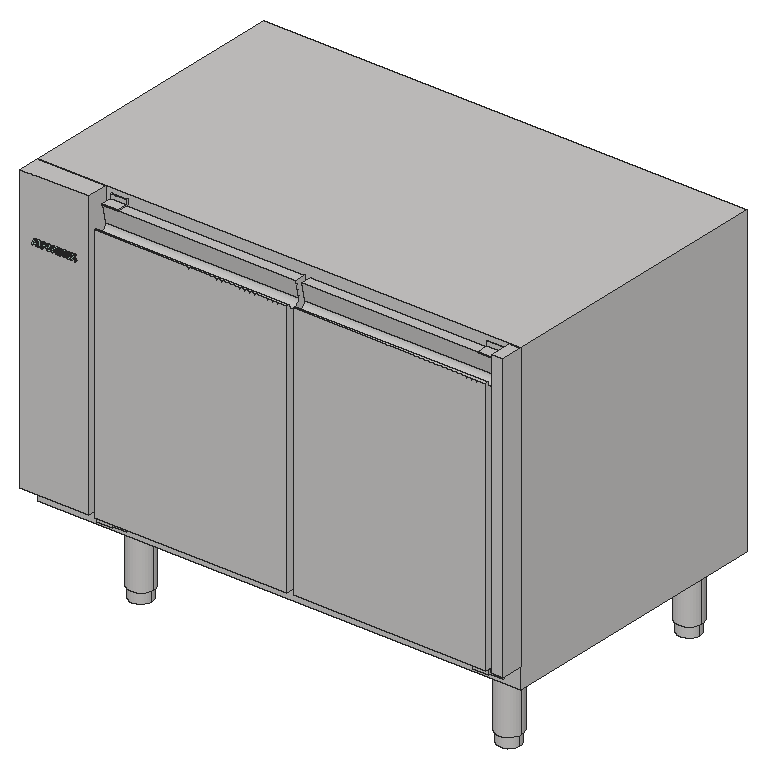
Revit family "QF_ALPENINOX_712107_AK2R8AA", category Specialty Equipment, Revit 2018
Family settings
  Round Connector Dimension = Use Diameter
  Part Type = Normal
  Work Plane-Based = No
  Always vertical = Yes
  Cut with Voids When Loaded = No
  Shared = No
  Room Calculation Point = No
Parameters
  Weight = 0.00 kg
  Watts = 2.78709 W
  Volts = 220 V
  URL Manufacturer = "http://www.alpeninox.com"
  URL = "http://www.alpeninox.com"
  Steam Supply Size = 0 mm
  Steam Supply Minimum Pressure = 0.0 Pa
  Steam Supply Maximum Pressure = 0.0 Pa
  Steam Pounds per Hour = 0
  Refrigeration Suction Line Size = 0 mm
  Refrigeration Liquid Line Size = 0 mm
  Refrigerant Compressor Remote = yes
  Manufacturer = "Alpeninox"
  Phase = 1
  Model = "AK2R8AA"
  Length Actual = 1103 mm  # constant formula
  Length = 1103 mm
  Item Number = "712107"
  Hot Water Size = 0 mm
  Height Actual = 850 mm  # constant formula
  Height = 700 mm
  HP = "0 HP"
  Gas Size = 0 mm
  Gas KW = 0
  Gas Input Pressure = 0 W
  Depth Actual = 700 mm  # constant formula
  Depth = 695 mm
  Description = "2 DOOR REFRIGERATED TABLE -2C-NO TOP REM"
  Cycle = 60 Hz
  Condensate Return Size = 0 mm
  Compressed Air Volume = 0.0 L/s
  Compressed Air Size = 0 mm
  Compressed Air Pressure = 0.0 Pa
  Cold Water Size = 0 mm
  Accessory = yes
Reference planes
  plane 1: z = 0
  plane 2 "Center (Left/Right)": x = -124.5
  plane 3 "Center (Front/Back)": y = 64.5
  plane 4 "FEET": z = 150
  plane 5 "TOP": z = 900
  plane 6 "PLAIN": z = 850
  plane 7 "EI_back": y = 359
  plane 8 "EI_left": x = -610
  plane 9 "BACK": y = 412
  plane 10 "FRONT": y = -283
  plane 11 "DOOR": y = -233
  plane 12 "LEFT": x = -676
  plane 13 "RIGHT": x = 427
  plane 14: x = -651
  plane 15: x = 402
  plane 16 "RO_left": x = -636
  plane 17 "RI_left": x = -584
  plane 18 "RO_back": y = 375.5
  plane 19 "RI_back": y = 375.5
  plane 20 "DRAINleft": x = -610
  plane 21 "DRAINback": y = 164
Forms (mm)
  Extrusion 1, solid, material "QF_Finishes_Stainless Steel"
    sketch origin (-1022.223, -1524, 150) x (-1, 0, 0) y (0, -1, 0)
      loop
        circle (-412.223, -1883) r 5
    from 0 to -40
  Extrusion 2, solid, material "QF_Finishes_Stainless Steel"
    sketch origin (-1022.223, -1524, 150) x (-1, 0, 0) y (0, -1, 0)
      loop
        line (-1424.223, -1291) -> (-1424.223, -1241) -> (-1449.223, -1241) -> (-1449.223, -1291) -> (-1424.223, -1291)
    from 48 to 700 <- "Height"
  Extrusion 3, solid, material "QF_Finishes_Stainless Steel"
    sketch origin (-1022.223, -1524, 150) x (-1, 0, 0) y (0, -1, 0)
      loop
        circle (-386.223, -1899.5) r 4.25
    from 0 to -20
  Extrusion 4, solid, material "QF_Finishes_Stainless Steel"
    sketch origin (-1022.223, -1524, 150) x (-1, 0, 0) y (0, -1, 0)
      loop
        circle (-438.223, -1899.5) r 4
    from 0 to -20
  Extrusion 5, solid, material "QF_Finishes_Stainless Steel"
    sketch origin (-1022.223, -1524, 150) x (-1, 0, 0) y (0, -1, 0)
      loop
        circle (-412.223, -1688) r 8.5
    from 0 to -40
  Extrusion 6, solid, material "QF_Finishes_Stainless Steel"
    sketch origin (-1022.223, -1524, 150) x (-1, 0, 0) y (0, -1, 0)
      loop
        line (-346.223, -1936) -> (-346.223, -1291) -> (-1449.223, -1291) -> (-1449.223, -1936) -> (-346.223, -1936)
    from 0 to 700 <- "Height"
Lines and regions (mm)
  symbolic lines, style "SpecialityEquipmentHiddenLines"
    curve 1: line (-676, 412, 150) -> (427, 412, 150)
    curve 2: line (-676, -283, 150) -> (-676, 412, 150)
    curve 3: line (427, -283, 150) -> (-676, -283, 150)
    curve 4: line (427, 412, 150) -> (427, -283, 150)
    curve 5: line (-676, -233, 150) -> (427, -233, 150)
    curve 6: line (402, -233, 150) -> (402, -283, 150)
Dimensions and locks
  plane 4 "FEET" to level = 150 mm
  plane 11 "DOOR" to plane 10 "FRONT" = 50 mm
  "Height": plane 6 "PLAIN" to plane 4 "FEET"
  plane 5 "TOP" to plane 6 "PLAIN" = 50 mm
  plane 12 "LEFT" to plane 14 = 25 mm
  plane 15 to plane 13 "RIGHT" = 25 mm
  plane 9 "BACK" to plane 18 "RO_back" = 36.5 mm
  plane 9 "BACK" to plane 7 "EI_back" = 53 mm
  plane 9 "BACK" to plane 19 "RI_back" = 36.5 mm
  plane 9 "BACK" to plane 21 "DRAINback" = 248 mm
  plane 12 "LEFT" to plane 20 "DRAINleft" = 66 mm
  plane 12 "LEFT" to plane 8 "EI_left" = 66 mm
  plane 12 "LEFT" to plane 17 "RI_left" = 92 mm
  plane 12 "LEFT" to plane 16 "RO_left" = 40 mm
  "Depth": plane 9 "BACK" to plane 10 "FRONT"
  equal spacing: plane 9 "BACK", plane 3 "Center (Front/Back)", plane 10 "FRONT"
  "Length": plane 12 "LEFT" to plane 13 "RIGHT"
  equal spacing: plane 12 "LEFT", plane 2 "Center (Left/Right)", plane 13 "RIGHT"
  aligned and locked: level to plane 1
Automatic sketch dimensions
  Extrusion 1 sketch curve to plane 7 "EI_back" = 0 mm
  Extrusion 1 sketch curve to plane 8 "EI_left" = 0 mm
  Extrusion 2 sketch curve to plane 11 "DOOR" = 0 mm
  Extrusion 2 sketch curve to plane 13 "RIGHT" = 0 mm
  Extrusion 2 sketch curve to plane 10 "FRONT" = 0 mm
  Extrusion 2 sketch curve to plane 15 = 0 mm
  Extrusion 3 sketch curve to plane 16 "RO_left" = 0 mm
  Extrusion 3 sketch curve to plane 18 "RO_back" = 0 mm
  Extrusion 4 sketch curve to plane 17 "RI_left" = 0 mm
  Extrusion 4 sketch curve to plane 19 "RI_back" = 0 mm
  Extrusion 5 sketch curve to plane 20 "DRAINleft" = 0 mm
  Extrusion 5 sketch curve to plane 21 "DRAINback" = 0 mm
  Extrusion 6 sketch curve to plane 9 "BACK" = 0 mm
  Extrusion 6 sketch curve to plane 13 "RIGHT" = 0 mm
  Extrusion 6 sketch curve to plane 11 "DOOR" = 0 mm
  Extrusion 6 sketch curve to plane 12 "LEFT" = 0 mm
  curve 1 to plane 13 "RIGHT" = 0 mm
  curve 6 to plane 15 = 0 mm
  curve 5 to plane 11 "DOOR" = 0 mm
  curve 5 to plane 12 "LEFT" = 0 mm
  curve 6 to plane 10 "FRONT" = 0 mm
  curve 1 to plane 9 "BACK" = 0 mm
  radius of Extrusion 1 sketch curve = 5 mm
  radius of Extrusion 3 sketch curve = 4.25 mm
  radius of Extrusion 4 sketch curve = 4 mm
  radius of Extrusion 5 sketch curve = 8.5 mm
Nested families
  nested 1: "Refrigerator" at (427, -283, 0), type "Refrigerator"
  nested 2: "FEET" at (-480, 331, 0), type "FEET"
  nested 3: "FEET" at (361, 331, 0), type "FEET"
  nested 4: "FEET" at (-480, -183, 0), type "FEET"
  nested 5: "FEET" at (361, -183, 0), type "FEET"
  nested 6: "APX_REM_TN_L" at (-519.08, -233, 598) x (1, 0, 0) z (0, -1, 0), type "APX_REM_TN_L"
    with Show Logo yes
  nested 7: "APX_SD_L" at (-286, -233, 512) x (1, 0, 0) z (0, -1, 0), type "APX_SD_L"
    with Show Clearance yes
  nested 8: "APX_SD_R" at (168, -233, 512) x (1, 0, 0) z (0, -1, 0), type "APX_SD_R"
    with Show Clearance yes
Connectors
  electrical at (-610, 359, 110), driven by "Volts"
    settings: on Extrusion 1, index 1, voltage 220 V, apparent load 0 VA, apparent load phase1 0 VA, apparent load phase2 0 VA, apparent load phase3 0 VA, power factor 1, load classification "Other", number of poles 1, system type 31, power factor state 1, is connector primary yes, connector utility no, sub classification motor no, connector description "Electrical Connection"
  piping at (-636, 375.5, 130), diameter 9.5
    settings: on Extrusion 3, index 3, connector inside diameter 609.6 mm, connector length 0 mm, flow factor 0, pipe flow 0.0 L/s, pressure drop 0.0 Pa, fitting loss kfactor 0, connector angle 0.00°, fixture units 0, engagement length 0 mm, angle of deflection 0.00°, flow configuration 1, flow direction 2, fitting loss method 0, system type 8, joint type 0, gender type 0, connector reference index -1, connector utility 0, adjustable connector no, is connector primary yes, connector description "Refrigerant Outlet"
  piping at (-584, 375.5, 130), diameter 8
    settings: on Extrusion 4, index 4, connector inside diameter 609.6 mm, connector length 0 mm, flow factor 0, pipe flow 0.0 L/s, pressure drop 0.0 Pa, fitting loss kfactor 0, connector angle 0.00°, fixture units 0, engagement length 0 mm, angle of deflection 0.00°, flow configuration 1, flow direction 1, fitting loss method 0, system type 7, joint type 0, gender type 0, connector reference index -1, connector utility 0, adjustable connector no, is connector primary no, connector description "Refrigerant Inlet"
  piping at (-610, 164, 110), diameter 17
    settings: on Extrusion 5, index 5, connector inside diameter 609.6 mm, connector length 0 mm, flow factor 0, pipe flow 0.0 L/s, pressure drop 0.0 Pa, fitting loss kfactor 0, connector angle 0.00°, fixture units 0, engagement length 0 mm, angle of deflection 0.00°, flow configuration 1, flow direction 2, fitting loss method 0, system type 16, joint type 0, gender type 0, connector reference index -1, connector utility 0, adjustable connector no, is connector primary no, connector description "Drain"
Definition of nested family "FEET"
  Parameters
    FEET = 150 mm
  Reference planes
    plane 1 "Center (Front/Back)": y = 0
    plane 2: z = 0
    plane 3 "Center (Left/Right)": x = 0
    plane 4: z = 150
  Forms (mm)
    Revolve 1, solid
      sketch origin (255.05, 0, 608.09) x (0, 0, 1) y (-1, 0, 0)
        loop
          line (-608.09, 255.05) -> (-608.09, 230.05) -> (-583.09, 230.05) -> (-583.09, 226.05) -> (-458.09, 226.05) -> (-458.09, 255.05) -> (-608.09, 255.05)
        axis (-608.09, 255.05) -> (-458.09, 255.05)
      angle from 0 to 360
  Dimensions and locks
    locked: Revolve 1 sketch curve to Revolve 1 sketch curve at 125
    "FEET": plane 4 to plane 2
    aligned and locked: level to plane 2
    aligned and locked: plane 4 to Revolve 1 sketch curve
    aligned and locked: Revolve 1 sketch curve to level
    aligned and locked: plane 3 "Center (Left/Right)" to Revolve 1 sketch curve
  Automatic sketch dimensions
    Revolve 1 sketch curve to plane 3 "Center (Left/Right)" = 0 mm
    Revolve 1 sketch curve to Revolve 1 sketch curve = 25 mm
    Revolve 1 sketch curve to Revolve 1 sketch curve = 29 mm
    plane 4 to Revolve 1 sketch curve = 50 mm
    Revolve 1 sketch curve to Revolve 1 sketch curve = 20 mm
Definition of nested family "APX_REM_TN_L"
  Parameters
    Show Logo [instance] = yes
    Default Elevation = 1219.2 mm
  Reference planes
    plane 1 "Centro (Fronte/Retro)": y = -74
    plane 2: z = 0
    plane 3 "Centro (Sinistra/Destra)": x = -78.92
  Forms (mm)
    Extrusion 1, solid
      sketch origin (0, 0, 0) x (1, 0, 0) y (0, 1, 0)
        loop
          line (-1219.2, 1219.2) -> (-1219.2, -1219.2) -> (1219.2, -1219.2) -> (1219.2, 1219.2) -> (-1219.2, 1219.2)
      from 0 to -304.8
    Extrusion 2, solid
      sketch origin (1.08, 0, 0) x (1, 0, 0) y (0, 1, 0)
        loop
          line (-158, 252) -> (-158, -400) -> (-2, -400) -> (-2, 252) -> (-158, 252)
      from 0 to 50
    Extrusion 3, solid
      sketch origin (44.22, -49.023, 0) x (1, 0, 0) y (0, 1, 0)
        loop
          line (-168.675, 170.349) -> (-172.411, 160.318)
          arc (-172.411, 160.318) -> (-171.624, 158.497) -> (-169.837, 159.36) r 1.374
          line (-169.837, 159.36) -> (-169.268, 161.111) -> (-164.1, 161.111) -> (-163.54, 159.379)
          arc (-163.54, 159.379) -> (-161.802, 158.542) -> (-161.049, 160.318) r 1.333
          line (-161.049, 160.318) -> (-164.694, 170.349)
          arc (-164.694, 170.349) -> (-166.685, 171.876) -> (-168.675, 170.349) r 2.06
        loop
          line (-166.681, 169.055) -> (-168.469, 163.655) -> (-164.935, 163.655) -> (-166.681, 169.055)
        loop
          arc (-159.705, 160.042) -> (-159.262, 158.973) -> (-158.194, 158.531) r 1.512
          line (-158.194, 158.531) -> (-153.608, 158.531)
          arc (-153.608, 158.531) -> (-152.337, 159.802) -> (-153.608, 161.074) r 1.272
          line (-153.608, 161.074) -> (-156.917, 161.074) -> (-156.917, 170.328)
          arc (-156.917, 170.328) -> (-158.311, 171.722) -> (-159.705, 170.328) r 1.394
          line (-159.705, 170.328) -> (-159.705, 160.042)
        loop
          line (-151.076, 170.218) -> (-151.076, 159.859)
          arc (-151.076, 159.859) -> (-149.683, 158.466) -> (-148.29, 159.859) r 1.393
          line (-148.29, 159.859) -> (-148.29, 162.882) -> (-146.225, 162.882)
          arc (-146.225, 162.882) -> (-142.999, 163.859) -> (-141.608, 166.928) r 4.082
          arc (-141.608, 166.928) -> (-142.993, 170.272) -> (-146.336, 171.657) r 4.728
          line (-146.336, 171.657) -> (-149.638, 171.657)
          arc (-149.638, 171.657) -> (-150.655, 171.235) -> (-151.076, 170.218) r 1.439
        loop
          line (-148.29, 165.313) -> (-146.388, 165.313)
          arc (-146.388, 165.313) -> (-144.433, 167.268) -> (-146.388, 169.222) r 1.955
          line (-146.388, 169.222) -> (-148.29, 169.222) -> (-148.29, 165.313)
        loop
          arc (-131.184, 166.332) -> (-132.004, 168.2) -> (-133.767, 169.228) r 3.3
          arc (-133.767, 169.228) -> (-136.353, 168.661) -> (-137.611, 166.332) r 3.176
          line (-137.611, 166.332) -> (-131.184, 166.332)
        loop
          line (-137.538, 163.743) -> (-130.544, 163.743)
          arc (-130.544, 163.743) -> (-129.292, 163.916) -> (-128.301, 164.701) r 2.4
          arc (-128.301, 164.701) -> (-128.155, 165.545) -> (-128.212, 166.399) r 3.635
          arc (-128.212, 166.399) -> (-130.364, 170.162) -> (-134.39, 171.769) r 6.579
          arc (-134.39, 171.769) -> (-138.918, 169.706) -> (-140.661, 165.044) r 6.501
          arc (-140.661, 165.044) -> (-139.276, 160.789) -> (-135.401, 158.549) r 6.252
          arc (-135.401, 158.549) -> (-132.922, 158.526) -> (-130.544, 159.232) r 8.361
          arc (-130.544, 159.232) -> (-129.466, 159.781) -> (-128.641, 160.666) r 3.486
          arc (-128.641, 160.666) -> (-128.419, 161.592) -> (-128.828, 162.451) r 1.425
          arc (-128.828, 162.451) -> (-129.368, 162.762) -> (-129.99, 162.762) r 1.203
          arc (-129.99, 162.762) -> (-130.406, 162.59) -> (-130.764, 162.316) r 1.724
          arc (-130.764, 162.316) -> (-131.666, 161.705) -> (-132.646, 161.229) r 7.6
          arc (-132.646, 161.229) -> (-135.676, 161.35) -> (-137.538, 163.743) r 3.6
        loop
          line (-126.669, 170.328) -> (-126.669, 159.859)
          arc (-126.669, 159.859) -> (-125.273, 158.463) -> (-123.878, 159.859) r 1.396
          line (-123.878, 159.859) -> (-123.878, 166.785) -> (-117.946, 159.029)
          arc (-117.946, 159.029) -> (-116.361, 158.51) -> (-115.379, 159.859) r 1.417
          line (-115.379, 159.859) -> (-115.379, 170.328)
          arc (-115.379, 170.328) -> (-116.774, 171.723) -> (-118.169, 170.328) r 1.395
          line (-118.169, 170.328) -> (-118.169, 163.311) -> (-124.101, 171.157)
          arc (-124.101, 171.157) -> (-125.687, 171.678) -> (-126.669, 170.328) r 1.418
        loop
          arc (-113.636, 159.859) -> (-112.241, 158.464) -> (-110.847, 159.859) r 1.394
          line (-110.847, 159.859) -> (-110.847, 170.328)
          arc (-110.847, 170.328) -> (-112.241, 171.723) -> (-113.636, 170.328) r 1.394
          line (-113.636, 170.328) -> (-113.636, 159.859)
        loop
          line (-109.102, 170.328) -> (-109.102, 159.859)
          arc (-109.102, 159.859) -> (-107.706, 158.463) -> (-106.31, 159.859) r 1.396
          line (-106.31, 159.859) -> (-106.31, 166.785) -> (-100.378, 159.029)
          arc (-100.378, 159.029) -> (-98.793, 158.51) -> (-97.812, 159.859) r 1.417
          line (-97.812, 159.859) -> (-97.812, 170.328)
          arc (-97.812, 170.328) -> (-99.207, 171.723) -> (-100.602, 170.328) r 1.395
          line (-100.602, 170.328) -> (-100.602, 163.311) -> (-106.533, 171.157)
          arc (-106.533, 171.157) -> (-108.119, 171.678) -> (-109.102, 170.328) r 1.418
        loop
          arc (-96.345, 165.093) -> (-95.619, 161.877) -> (-93.467, 159.379) r 6.806
          arc (-93.467, 159.379) -> (-91.792, 158.566) -> (-89.948, 158.31) r 5.956
          arc (-89.948, 158.31) -> (-88.104, 158.566) -> (-86.43, 159.379) r 5.956
          arc (-86.43, 159.379) -> (-84.277, 161.877) -> (-83.551, 165.093) r 6.806
          arc (-83.551, 165.093) -> (-84.277, 168.31) -> (-86.43, 170.808) r 6.806
          arc (-86.43, 170.808) -> (-88.104, 171.621) -> (-89.948, 171.877) r 5.956
          arc (-89.948, 171.877) -> (-91.792, 171.621) -> (-93.467, 170.808) r 5.956
          arc (-93.467, 170.808) -> (-95.619, 168.31) -> (-96.345, 165.093) r 6.806
        loop
          arc (-93.425, 165.093) -> (-93.138, 163.212) -> (-92.081, 161.629) r 4.387
          arc (-92.081, 161.629) -> (-91.087, 161.049) -> (-89.948, 160.881) r 3.035
          arc (-89.948, 160.881) -> (-88.809, 161.049) -> (-87.815, 161.629) r 3.035
          arc (-87.815, 161.629) -> (-86.759, 163.212) -> (-86.472, 165.093) r 4.387
          arc (-86.472, 165.093) -> (-86.759, 166.975) -> (-87.815, 168.558) r 4.387
          arc (-87.815, 168.558) -> (-88.809, 169.138) -> (-89.948, 169.306) r 3.035
          arc (-89.948, 169.306) -> (-91.087, 169.138) -> (-92.081, 168.558) r 3.035
          arc (-92.081, 168.558) -> (-93.138, 166.975) -> (-93.425, 165.093) r 4.387
        loop
          line (-82.843, 169.609) -> (-79.829, 165.552) -> (-83.513, 160.652)
          arc (-83.513, 160.652) -> (-83.216, 158.692) -> (-81.262, 159.029) r 1.388
          line (-81.262, 159.029) -> (-78.213, 163.232) -> (-75.164, 159.029)
          arc (-75.164, 159.029) -> (-73.211, 158.692) -> (-72.913, 160.652) r 1.388
          line (-72.913, 160.652) -> (-76.597, 165.552) -> (-73.584, 169.609)
          arc (-73.584, 169.609) -> (-73.952, 171.597) -> (-75.908, 171.084) r 1.38
          line (-75.908, 171.084) -> (-78.213, 167.841) -> (-80.519, 171.084)
          arc (-80.519, 171.084) -> (-82.474, 171.597) -> (-82.843, 169.609) r 1.38
      from 50 to 51.6
  Lines and regions (mm)
    Split face 1
      outline origin (1.08, 0, 50) x (1, 0, 0) y (0, 1, 0)
        loop
          line (-2, 188) -> (-158, 188)
    Split face 2
      outline origin (1.08, 0, 50) x (1, 0, 0) y (0, 1, 0)
        loop
          line (-158, 178) -> (-2, 178)
    Split face 3
      outline origin (1.08, 0, 50) x (1, 0, 0) y (0, 1, 0)
        loop
          line (-2, 104) -> (-158, 104)
    Split face 4
      outline origin (1.08, 0, 50) x (1, 0, 0) y (0, 1, 0)
        loop
          line (-2, 94) -> (-158, 94)
    Split face 5
      outline origin (1.08, 0, 50) x (1, 0, 0) y (0, 1, 0)
        loop
          line (-110, 163.931) -> (-110, 134.412) -> (-50, 134.412) -> (-50, 163.931) -> (-110, 163.931)
    Split face 6
      outline origin (1.08, 0, 50) x (1, 0, 0) y (0, 1, 0)
        loop
          line (-70, 160.931) -> (-70, 137.412) -> (-53, 137.412) -> (-53, 160.931) -> (-70, 160.931)
    symbolic lines
      curve 1: line (-2, -74, 50) -> (-2, -74, 0)
  Dimensions and locks
    equal spacing: Extrusion 2, plane 3 "Centro (Sinistra/Destra)", Extrusion 2
    equal spacing: Extrusion 2, plane 1 "Centro (Fronte/Retro)", Extrusion 2
    aligned and locked: plane 2 to Extrusion 1
    aligned and locked: level to Extrusion 1
  Automatic sketch dimensions
    curve 1 to level = 0 mm
    plane 3 "Centro (Sinistra/Destra)" to curve 1 = 76.92 mm
    curve 1 to curve 1 = 50 mm
    Extrusion 1 sketch curve to Extrusion 1 sketch curve = 2438.4 mm  (x2)
    Extrusion 2 sketch curve to plane 3 "Centro (Sinistra/Destra)" = 78 mm
    plane 3 "Centro (Sinistra/Destra)" to Extrusion 2 sketch curve = 78 mm
    plane 1 "Centro (Fronte/Retro)" to Extrusion 2 sketch curve = 326 mm
    Extrusion 2 sketch curve to plane 1 "Centro (Fronte/Retro)" = 326 mm
    Extrusion 3 sketch curve to plane 3 "Centro (Sinistra/Destra)" = 49.27 mm
    Extrusion 3 sketch curve to Extrusion 3 sketch curve = 1.266 mm
    Extrusion 3 sketch curve to Extrusion 3 sketch curve = 1.307 mm
    Extrusion 3 sketch curve to Extrusion 3 sketch curve = 0.57 mm
    Extrusion 3 sketch curve to Extrusion 3 sketch curve = 0.593 mm
    Extrusion 3 sketch curve to Extrusion 3 sketch curve = 0.799 mm
    Extrusion 3 sketch curve to Extrusion 3 sketch curve = 1.99 mm  (x2)
    Extrusion 3 sketch curve to Extrusion 3 sketch curve = 0.003 mm
    Extrusion 3 sketch curve to Extrusion 3 sketch curve = 3.534 mm
    Extrusion 3 sketch curve to Extrusion 3 sketch curve = 0.835 mm
    Extrusion 3 sketch curve to Extrusion 3 sketch curve = 0.56 mm
    Extrusion 3 sketch curve to Extrusion 3 sketch curve = 1.268 mm
    Extrusion 3 sketch curve to Extrusion 3 sketch curve = 1.223 mm
    Extrusion 3 sketch curve to Extrusion 3 sketch curve = 1.344 mm
    Extrusion 3 sketch curve to Extrusion 3 sketch curve = 1.394 mm  (x2)
    Extrusion 3 sketch curve to Extrusion 3 sketch curve = 1.512 mm
    Extrusion 3 sketch curve to Extrusion 3 sketch curve = 3.309 mm
    Extrusion 3 sketch curve to Extrusion 3 sketch curve = 5.841 mm
    Extrusion 3 sketch curve to Extrusion 3 sketch curve = 1.393 mm
    Extrusion 3 sketch curve to Extrusion 3 sketch curve = 1.439 mm
    Extrusion 3 sketch curve to Extrusion 3 sketch curve = 0 mm  (x19)
    Extrusion 3 sketch curve to Extrusion 3 sketch curve = 1.902 mm
    Extrusion 3 sketch curve to Extrusion 3 sketch curve = 0.052 mm
    Extrusion 3 sketch curve to Extrusion 3 sketch curve = 2.065 mm
    Extrusion 3 sketch curve to Extrusion 3 sketch curve = 0.647 mm
    Extrusion 3 sketch curve to Extrusion 3 sketch curve = 8.079 mm
    Extrusion 3 sketch curve to Extrusion 3 sketch curve = 0.073 mm
    Extrusion 3 sketch curve to Extrusion 3 sketch curve = 2.145 mm
    Extrusion 3 sketch curve to Extrusion 3 sketch curve = 2.931 mm
    Extrusion 3 sketch curve to Extrusion 3 sketch curve = 0.213 mm
    Extrusion 3 sketch curve to Extrusion 3 sketch curve = 0.026 mm
    Extrusion 3 sketch curve to Extrusion 3 sketch curve = 0.263 mm
    Extrusion 3 sketch curve to Extrusion 3 sketch curve = 0.516 mm
    Extrusion 3 sketch curve to Extrusion 3 sketch curve = 0.356 mm
    Extrusion 3 sketch curve to Extrusion 3 sketch curve = 0.387 mm
    Extrusion 3 sketch curve to Extrusion 3 sketch curve = 2.378 mm
    Extrusion 3 sketch curve to Extrusion 3 sketch curve = 2.466 mm
    Extrusion 3 sketch curve to Extrusion 3 sketch curve = 0.602 mm
    Extrusion 3 sketch curve to Extrusion 3 sketch curve = 1.02 mm
    Extrusion 3 sketch curve to Extrusion 3 sketch curve = 0.949 mm
    Extrusion 3 sketch curve to Extrusion 3 sketch curve = 1.728 mm
    Extrusion 3 sketch curve to Extrusion 3 sketch curve = 0.157 mm  (x2)
    Extrusion 3 sketch curve to Extrusion 3 sketch curve = 0.292 mm
    Extrusion 3 sketch curve to plane 3 "Centro (Sinistra/Destra)" = 3.529 mm
    Extrusion 3 sketch curve to Extrusion 3 sketch curve = 1.396 mm  (x2)
    Extrusion 3 sketch curve to Extrusion 3 sketch curve = 1.418 mm  (x2)
    Extrusion 3 sketch curve to plane 3 "Centro (Sinistra/Destra)" = 0.96 mm
    plane 3 "Centro (Sinistra/Destra)" to Extrusion 3 sketch curve = 4.971 mm
    Extrusion 3 sketch curve to Extrusion 3 sketch curve = 0.224 mm  (x2)
    Extrusion 3 sketch curve to Extrusion 3 sketch curve = 1.149 mm  (x2)
    Extrusion 3 sketch curve to Extrusion 3 sketch curve = 1.395 mm  (x2)
    Extrusion 3 sketch curve to Extrusion 3 sketch curve = 1.744 mm
    Extrusion 3 sketch curve to Extrusion 3 sketch curve = 1.745 mm
    Extrusion 3 sketch curve to Extrusion 3 sketch curve = 1.151 mm
    Extrusion 3 sketch curve to Extrusion 3 sketch curve = 5.709 mm
    Extrusion 3 sketch curve to Extrusion 3 sketch curve = 6.963 mm
    Extrusion 3 sketch curve to Extrusion 3 sketch curve = 0.493 mm  (x3)
    Extrusion 3 sketch curve to Extrusion 3 sketch curve = 0.273 mm  (x2)
    Extrusion 3 sketch curve to Extrusion 3 sketch curve = 0.021 mm  (x2)
    Extrusion 3 sketch curve to Extrusion 3 sketch curve = 0.226 mm  (x2)
    Extrusion 3 sketch curve to Extrusion 3 sketch curve = 0.268 mm  (x2)
    Extrusion 3 sketch curve to Extrusion 3 sketch curve = 0.294 mm
    Extrusion 3 sketch curve to Extrusion 3 sketch curve = 5.534 mm
    Extrusion 3 sketch curve to Extrusion 3 sketch curve = 6.205 mm
    Extrusion 3 sketch curve to Extrusion 3 sketch curve = 1.109 mm  (x2)
    Extrusion 3 sketch curve to Extrusion 3 sketch curve = 1.108 mm  (x2)
    Extrusion 3 sketch curve to Extrusion 3 sketch curve = 1.142 mm  (x2)
    Extrusion 3 sketch curve to Extrusion 3 sketch curve = 1.216 mm  (x2)
    Extrusion 3 sketch curve to Extrusion 3 sketch curve = 3.013 mm
    Extrusion 3 sketch curve to Extrusion 3 sketch curve = 1.616 mm  (x3)
    Extrusion 3 sketch curve to Extrusion 3 sketch curve = 2.305 mm
    Extrusion 3 sketch curve to Extrusion 3 sketch curve = 3.049 mm
    Extrusion 3 sketch curve to plane 1 "Centro (Fronte/Retro)" = 183.508 mm
    Extrusion 3 sketch curve to Extrusion 3 sketch curve = 0.498 mm
    Extrusion 3 sketch curve to Extrusion 3 sketch curve = 0.682 mm
    Extrusion 3 sketch curve to Extrusion 3 sketch curve = 0.664 mm
    Extrusion 3 sketch curve to Extrusion 3 sketch curve = 0.425 mm
    Extrusion 3 sketch curve to Extrusion 3 sketch curve = 0.41 mm
    Extrusion 3 sketch curve to Extrusion 3 sketch curve = 1.272 mm
    Extrusion 3 sketch curve to Extrusion 3 sketch curve = 0.789 mm  (x2)
    Extrusion 3 sketch curve to Extrusion 3 sketch curve = 0.056 mm
    Extrusion 3 sketch curve to Extrusion 3 sketch curve = 0.83 mm
    Extrusion 3 sketch curve to Extrusion 3 sketch curve = 1.238 mm
    Extrusion 3 sketch curve to Extrusion 3 sketch curve = 1.732 mm
    Extrusion 3 sketch curve to Extrusion 3 sketch curve = 0.346 mm
    Extrusion 3 sketch curve to Extrusion 3 sketch curve = 1.123 mm
    Extrusion 3 sketch curve to Extrusion 3 sketch curve = 3.023 mm
    Extrusion 3 sketch curve to Extrusion 3 sketch curve = 4.203 mm
    Extrusion 3 sketch curve to Extrusion 3 sketch curve = 3.452 mm  (x2)
    Extrusion 3 sketch curve to Extrusion 3 sketch curve = 2.544 mm
    Extrusion 3 sketch curve to Extrusion 3 sketch curve = 1.177 mm
    Extrusion 3 sketch curve to Extrusion 3 sketch curve = 3.261 mm
    Extrusion 3 sketch curve to Extrusion 3 sketch curve = 0.352 mm  (x2)
    Extrusion 3 sketch curve to Extrusion 3 sketch curve = 1.987 mm
    Extrusion 3 sketch curve to Extrusion 3 sketch curve = 0.171 mm
    Extrusion 3 sketch curve to Extrusion 3 sketch curve = 0.533 mm  (x3)
    Extrusion 3 sketch curve to Extrusion 3 sketch curve = 0.14 mm  (x4)
    Extrusion 3 sketch curve to Extrusion 3 sketch curve = 0.473 mm
    Extrusion 3 sketch curve to Extrusion 3 sketch curve = 0.31 mm  (x2)
    Extrusion 3 sketch curve to Extrusion 3 sketch curve = 0.075 mm
    Extrusion 3 sketch curve to Extrusion 3 sketch curve = 2.431 mm
    Extrusion 3 sketch curve to Extrusion 3 sketch curve = 2.32 mm  (x2)
    Extrusion 3 sketch curve to Extrusion 3 sketch curve = 1.992 mm
    Extrusion 3 sketch curve to Extrusion 3 sketch curve = 0.674 mm
    Extrusion 3 sketch curve to Extrusion 3 sketch curve = 0.732 mm
    Extrusion 3 sketch curve to Extrusion 3 sketch curve = 0.388 mm
    Extrusion 3 sketch curve to Extrusion 3 sketch curve = 0.121 mm
    Extrusion 3 sketch curve to Extrusion 3 sketch curve = 2.589 mm
    Extrusion 3 sketch curve to Extrusion 3 sketch curve = 0.662 mm
    Extrusion 3 sketch curve to Extrusion 3 sketch curve = 3.473 mm
    Extrusion 3 sketch curve to Extrusion 3 sketch curve = 0.681 mm
    Extrusion 3 sketch curve to Extrusion 3 sketch curve = 1.615 mm
    Extrusion 3 sketch curve to Extrusion 3 sketch curve = 0.34 mm
    Extrusion 3 sketch curve to Extrusion 3 sketch curve = 2.288 mm
    Extrusion 3 sketch curve to Extrusion 3 sketch curve = 0.942 mm
    Extrusion 3 sketch curve to Extrusion 3 sketch curve = 5.4 mm
    Extrusion 3 sketch curve to Extrusion 3 sketch curve = 1.768 mm  (x2)
    Extrusion 3 sketch curve to Extrusion 3 sketch curve = 0.761 mm
    Extrusion 3 sketch curve to Extrusion 3 sketch curve = 0.996 mm
    Extrusion 3 sketch curve to Extrusion 3 sketch curve = 3.543 mm  (x2)
    Extrusion 3 sketch curve to Extrusion 3 sketch curve = 7.017 mm
    Extrusion 3 sketch curve to Extrusion 3 sketch curve = 0.11 mm
    Extrusion 3 sketch curve to Extrusion 3 sketch curve = 0.823 mm  (x2)
    Extrusion 3 sketch curve to Extrusion 3 sketch curve = 0.947 mm
    Extrusion 3 sketch curve to Extrusion 3 sketch curve = 3.837 mm
    Extrusion 3 sketch curve to Extrusion 3 sketch curve = 0.623 mm
    Extrusion 3 sketch curve to Extrusion 3 sketch curve = 1.082 mm
    Extrusion 3 sketch curve to Extrusion 3 sketch curve = 0.801 mm
    Extrusion 3 sketch curve to Extrusion 3 sketch curve = 1 mm
    Extrusion 3 sketch curve to Extrusion 3 sketch curve = 0.089 mm
    Extrusion 3 sketch curve to Extrusion 3 sketch curve = 4.257 mm
    Extrusion 3 sketch curve to Extrusion 3 sketch curve = 4.345 mm  (x2)
    Extrusion 3 sketch curve to Extrusion 3 sketch curve = 2.576 mm
    Extrusion 3 sketch curve to Extrusion 3 sketch curve = 1.385 mm  (x4)
    Extrusion 3 sketch curve to Extrusion 3 sketch curve = 2.133 mm  (x4)
    Extrusion 3 sketch curve to Extrusion 3 sketch curve = 3.518 mm
    Extrusion 3 sketch curve to Extrusion 3 sketch curve = 5.603 mm
    Extrusion 3 sketch curve to Extrusion 3 sketch curve = 2.571 mm
    Split face 1 sketch curve to Extrusion 2 = 0 mm  (x2)
    Split face 1 sketch curve to Extrusion 2 = 64 mm
    Split face 2 sketch curve to Extrusion 2 = 0 mm
    Split face 2 sketch curve to Extrusion 2 = 74 mm
    Extrusion 2 to Split face 2 sketch curve = 0 mm
    Split face 3 sketch curve to Extrusion 2 = 0 mm  (x2)
    Split face 3 sketch curve to Extrusion 2 = 148 mm
    Split face 4 sketch curve to Extrusion 2 = 0 mm  (x2)
    Split face 4 sketch curve to Extrusion 2 = 158 mm
    Split face 5 sketch curve to Extrusion 2 = 48 mm  (x2)
    Split face 5 sketch curve to Extrusion 2 = 117.588 mm
    Split face 5 sketch curve to Split face 5 sketch curve = 29.518 mm
    Split face 6 sketch curve to Extrusion 2 = 68 mm
    Split face 6 sketch curve to Split face 6 sketch curve = 17 mm
    Split face 6 sketch curve to Extrusion 2 = 114.588 mm
    Split face 6 sketch curve to Split face 6 sketch curve = 23.518 mm
Definition of nested family "APX_SD_L"
  Parameters
    Show Clearance [instance] = yes
    Default Elevation = 1219.2 mm
  Reference planes
    plane 1 "Center (Front/Back)": y = 0
    plane 2: z = 0
    plane 3 "Center (Left/Right)": x = 0
    plane 4: x = -234
    plane 5: x = 234
  Forms (mm)
    Extrusion 1, solid
      sketch origin (0, 0, 0) x (1, 0, 0) y (0, 1, 0)
        loop
          line (-1219.2, 1219.2) -> (-1219.2, -1219.2) -> (1219.2, -1219.2) -> (1219.2, 1219.2) -> (-1219.2, 1219.2)
      from 0 to -304.8
    Extrusion 2, solid
      sketch origin (0, 0, -3) x (0, 1, 0) y (0, 0, 1)
        loop
          line (-314, 53) -> (-314, 3) -> (314, 3) -> (314, 29) -> (274.395, 20)
          arc (274.395, 20) -> (260.396, 33.803) -> (274, 47.994) r 14
          line (274, 47.994) -> (274, 53) -> (-314, 53)
      from -220 to 220
    Extrusion 3, solid
      sketch origin (0, 0, 0) x (0, 1, 0) y (0, 0, -1)
        loop
          line (-323.003, -40.312) -> (-323.003, -12.259) -> (-323.003, 0) -> (-351.511, 0) -> (-351.511, -2.5) -> (-325.503, -2.5) -> (-325.503, -42.812) -> (-316.501, -42.812) -> (-316.501, -40.312) -> (-323.003, -40.312)
        loop
          line (-314, -38.311) -> (-314, -11.804) -> (-319.752, -11.804) -> (-319.752, -14.304) -> (-316.501, -14.304) -> (-316.501, -38.311) -> (-314, -38.311)
        loop
          line (315.003, -27.948) -> (317.503, -27.948) -> (317.503, -2.5) -> (327.503, -2.5) -> (327.503, 0) -> (315.003, 0) -> (315.003, -2.948) -> (315.003, -27.948)
      from 185 to 220
    Extrusion 4, solid, visible <- "Show Clearance", detail levels coarse
      sketch origin (0, 0, -3) x (-1, 0, 0) y (0, 0, -1)
        loop
          line (220, -53) -> (-220, -53)
          arc (-220, -53) -> (-79.636, -340.04) -> (220, -451) r 430
          line (220, -451) -> (220, -53)
      from -314 to 314
  Lines and regions (mm)
    symbolic lines
      curve 1: arc (219.599, 0, 55) -> (95.934, 0, 321.503) -> (-170, 0, 446.39) r 430
      curve 2: line (-220, 0, 55) -> (-220, 0, 448)
      curve 3: line (-170, 0, 55) -> (-170, 0, 448)
      curve 4: line (-220, 0, 448) -> (-170, 0, 448)
  Dimensions and locks
    plane 4 to plane 3 "Center (Left/Right)" to plane 5 = 234 mm locked, 234 mm locked
    aligned and locked: plane 2 to Extrusion 1
    aligned and locked: level to Extrusion 1
Definition of nested family "APX_SD_R"
  Parameters
    Show Clearance [instance] = yes
    Default Elevation = 1219.2 mm
  Reference planes
    plane 1 "Center (Front/Back)": y = 0
    plane 2: z = 0
    plane 3 "Center (Left/Right)": x = 0
    plane 4: x = -234
    plane 5: x = 234
  Forms (mm)
    Extrusion 1, solid
      sketch origin (0, 0, 0) x (1, 0, 0) y (0, 1, 0)
        loop
          line (-1219.2, 1219.2) -> (-1219.2, -1219.2) -> (1219.2, -1219.2) -> (1219.2, 1219.2) -> (-1219.2, 1219.2)
      from 0 to -304.8
    Extrusion 2, solid
      sketch origin (0, 0, -3) x (0, 1, 0) y (0, 0, -1)
        loop
          line (-314, -53) -> (274, -53) -> (274, -47.994)
          arc (274, -47.994) -> (260.396, -33.803) -> (274.395, -20) r 14
          line (274.395, -20) -> (314, -29) -> (314, -3) -> (-314, -3) -> (-314, -53)
      from -220 to 220
    Extrusion 3, solid
      sketch origin (0, 0, 0) x (0, 1, 0) y (0, 0, 1)
        loop
          line (-323.003, 40.312) -> (-316.501, 40.312) -> (-316.501, 42.812) -> (-325.503, 42.812) -> (-325.503, 2.5) -> (-351.511, 2.5) -> (-351.511, 0) -> (-323.003, 0) -> (-323.003, 12.259) -> (-323.003, 40.312)
        loop
          line (-314, 38.311) -> (-316.501, 38.311) -> (-316.501, 14.304) -> (-319.752, 14.304) -> (-319.752, 11.804) -> (-314, 11.804) -> (-314, 38.311)
        loop
          line (315.003, 27.948) -> (315.003, 2.948) -> (315.003, 0) -> (327.503, 0) -> (327.503, 2.5) -> (317.503, 2.5) -> (317.503, 27.948) -> (315.003, 27.948)
      from 185 to 220
    Extrusion 4, solid, visible <- "Show Clearance", detail levels coarse
      sketch origin (0, 0, -3) x (1, 0, 0) y (0, 0, 1)
        loop
          line (220, 53) -> (220, 451)
          arc (220, 451) -> (-79.636, 340.04) -> (-220, 53) r 430
          line (-220, 53) -> (220, 53)
      from -314 to 314
  Lines and regions (mm)
    symbolic lines
      curve 1: arc (-219.599, 0, 55) -> (-95.934, 0, 321.503) -> (170, 0, 446.39) r 430
      curve 2: line (220, 0, 55) -> (220, 0, 448)
      curve 3: line (170, 0, 55) -> (170, 0, 448)
      curve 4: line (220, 0, 448) -> (170, 0, 448)
  Dimensions and locks
    plane 4 to plane 3 "Center (Left/Right)" to plane 5 = 234 mm locked, 234 mm locked
    aligned and locked: plane 2 to Extrusion 1
    aligned and locked: level to Extrusion 1
Definition of nested family "Refrigerator"
  Reference planes
    plane 1 "Center (Front/Back)": y = 0
    plane 2: z = 0
    plane 3 "Center (Left/Right)": x = 0
  Lines and regions (mm)
    detail lines, in view "Ref. Level"
      curve 1: spline (-500, 190, 0) -> (-493.185, 166.706, 0) -> (-473.205, 145, 0) -> (-441.421, 126.36, 0) -> (-400, 112.058, 0) -> (-351.764, 103.067, 0) -> (-300, 100, 0) -> (-248.236, 103.067, 0) -> (-200, 112.058, 0) -> (-158.579, 126.36, 0) -> (-126.795, 145, 0) -> (-106.815, 166.706, 0) -> (-100, 190, 0) -> (-106.815, 213.294, 0) -> (-126.795, 235, 0) -> (-158.579, 253.64, 0) -> (-200, 267.942, 0) -> (-248.236, 276.933, 0) -> (-300, 280, 0) -> (-351.764, 276.933, 0) -> (-400, 267.942, 0) -> (-441.421, 253.64, 0) -> (-473.205, 235, 0) -> (-493.185, 213.294, 0) -> (-500, 190, 0)
      curve 2: line (-300, 130, 0) -> (-300, 250, 0)
      curve 3: line (-351.962, 220, 0) -> (-248.038, 160, 0)
      curve 4: line (-351.962, 160, 0) -> (-248.038, 220, 0)
      curve 5: line (-280.884, 246.873, 0) -> (-300, 225, 0)
      curve 6: line (-300, 225, 0) -> (-319.116, 246.873, 0)
      curve 7: line (-330.311, 207.5, 0) -> (-339.696, 234.992, 0)
      curve 8: line (-358.812, 201.882, 0) -> (-330.311, 207.5, 0)
      curve 9: line (-330.311, 172.5, 0) -> (-358.812, 178.118, 0)
      curve 10: line (-339.696, 145.008, 0) -> (-330.311, 172.5, 0)
      curve 11: line (-300, 155, 0) -> (-319.116, 133.127, 0)
      curve 12: line (-280.884, 133.127, 0) -> (-300, 155, 0)
      curve 13: line (-269.689, 172.5, 0) -> (-260.304, 145.008, 0)
      curve 14: line (-241.188, 178.118, 0) -> (-269.689, 172.5, 0)
      curve 15: line (-269.689, 207.5, 0) -> (-241.188, 201.882, 0)
      curve 16: line (-260.304, 234.992, 0) -> (-269.689, 207.5, 0)
